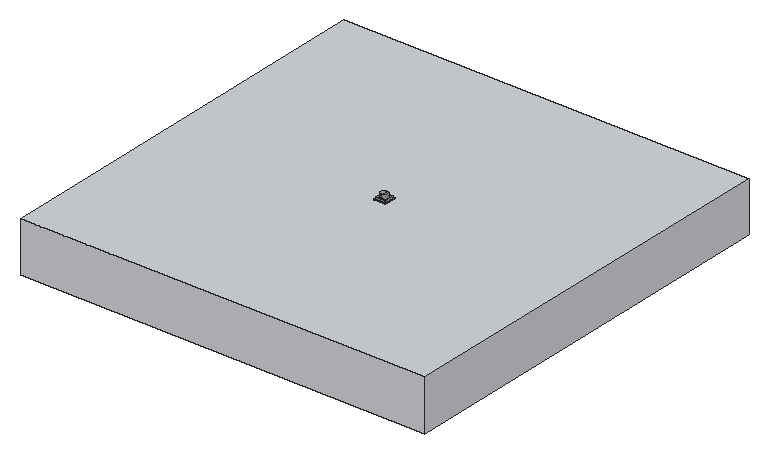
Revit family "2CKA006599A3017", category Elektroinstallationen, Revit 2017
Family settings
  Basisbauteil = Fläche
  Beschriftungsausrichtung beibehalten = Ja
  Bemaßung runder Anschluss = Durchmesser verwenden
  Teiletyp = Normal
  Beim Laden mit Abzugskörper schneiden = Nein
  Gemeinsam genutzt = Nein
  Raumberechnungspunkt = Nein
Parameters
  White = White
  Werkstoffgüte = "Thermoplast"
  Werkstoff = "Kunststoff"
  Verwendung = "Dimmer"
  Typname = "Zentralscheibe, alpinweiß, Busch-balance SI, Bedienelemente für Dimmer"
  TYPE = "2115-914"
  RAL-Nummer (ähnlich) = 9016
  Produktseite = "https://media.live.bim.site/t/eyJhbGciOiJIUzI1NiIsInR5cCI6IkpXVCJ9.eyJjdCI6MiwidHUiOiJodHRwOi8vYnVzY2gtamFlZ2VyLWthdGFsb2cuZGUvNjU5OS0wLTMwMTcsYXJ0aWtlbC5odG1sIiwiY2lkIjoiZmVkOThlOWEtMWJkOC00YzY4LWE3M2ItNzRhOTRlMzE1ODIzIiwicmlkIjoiODNhNTg0NTQ4MTk5M2I4ZmY5Zjc5OTc1YTY4ZWRjYTUiLCJwaWQiOiIwMGYzMGFhZTE4ZGI4Y2Y3M2I5MTA1MjE0MTBmMGZmNTJlOGQ0ZTFkIiwic2lkIjoiNjM3MzIiLCJ1dCI6MSwibGMiOiJkZSIsImlhdCI6MTU3MjkyODI5NiwiaXNzIjoiaHR0cHM6Ly9hcGkubGl2ZS5iaW0uc2l0ZSIsInN1YiI6ImY1ODZjNGI2LWE1MDgtNDI3YS05ODE4LTEzMTc5NjY1NzZiYyJ9.ir5D1MQSURFeA9S493qDj4vmQ6A7lv5TFLddbLeru4o"
  Oberfläche = "unbehandelt"
  Ist Zubehör = no
  Ist System = no
  Indicator = Red
  Default Elevation = 1219.2 mm
  Hersteller = "Busch-Jaeger Elektro GmbH"
  HeinzeBIM = "https://www.heinze.de/bim/zentralscheibe-alpinweiss-busch-balance-si-bedienelemente-fuer-dimmer/00f30aae18db8cf73b910521410f0ff52e8d4e1d"
  Halogenfrei = yes
  HAN = "2CKA006599A3017"
  Gerätetiefe [mm] = 11
  Gerätehöhe [mm] = 55
  Gerätebreite [mm] = 55
  Geeignet für Schutzart (IP) = "IP20"
  GTIN = "4011395190678"
  Farbe = "weiß"
  Datenblatt = "https://media.live.bim.site/t/eyJhbGciOiJIUzI1NiIsInR5cCI6IkpXVCJ9.eyJjdCI6MSwidGYiOiJwdWJsaWMvYnVzY2gtamFlZ2VyLWVsZWt0cm8tZ21iaC81YWUxZmQ1LzJDS0EwMDY1OTlBMzAxN19ST0hTXzIwMTlfMTBfMDcucGRmIiwiY2lkIjoiZmVkOThlOWEtMWJkOC00YzY4LWE3M2ItNzRhOTRlMzE1ODIzIiwicmlkIjoiODNhNTg0NTQ4MTk5M2I4ZmY5Zjc5OTc1YTY4ZWRjYTUiLCJwaWQiOiIwMGYzMGFhZTE4ZGI4Y2Y3M2I5MTA1MjE0MTBmMGZmNTJlOGQ0ZTFkIiwic2lkIjoiNjM3MzIiLCJ1dCI6MSwibGMiOiJkZSIsImlhdCI6MTU3MjkyODI5NiwiaXNzIjoiaHR0cHM6Ly9hcGkubGl2ZS5iaW0uc2l0ZSIsInN1YiI6ImY1ODZjNGI2LWE1MDgtNDI3YS05ODE4LTEzMTc5NjY1NzZiYyJ9.u8UlfBcUlX468NtnSlDN3Sl-K3uVZSPdLzHsGTx_82M/2CKA006599A3017_ROHS_2019_10_07.pdf"
  Beschreibung = "Zentralscheibe, alpinweiß, Busch-balance SI, Bedienelemente für Dimmer, Zentralscheibe mit Drehknopf, Bef.-Mutter und Glimmlampe Für Busch-Dimmer. Für Einsatz 2112 U-101/2247 U/2250 U/6513 U-102/6517 U-10x/6519 U/6520 U/6523 U(R)(10x) /6591 U-10x und 6592 U."
  Befestigungsart = "Schraubbefestigung"
  BIMSITE_PRODUCT_ID = "00f30aae18db8cf73b910521410f0ff52e8d4e1d"
  BIM = "https://media.live.bim.site/t/eyJhbGciOiJIUzI1NiIsInR5cCI6IkpXVCJ9.eyJjdCI6MSwidGYiOiJwdWJsaWMvYnVzY2gtamFlZ2VyLWVsZWt0cm8tZ21iaC81YWUxZmQ1LzJDS0EwMDY1OTlBMzAxNy5yZmEiLCJjaWQiOiJmZWQ5OGU5YS0xYmQ4LTRjNjgtYTczYi03NGE5NGUzMTU4MjMiLCJyaWQiOiI4M2E1ODQ1NDgxOTkzYjhmZjlmNzk5NzVhNjhlZGNhNSIsInBpZCI6IjAwZjMwYWFlMThkYjhjZjczYjkxMDUyMTQxMGYwZmY1MmU4ZDRlMWQiLCJzaWQiOiI2MzczMiIsInV0Ijo1LCJsYyI6ImRlIiwiaWF0IjoxNTcyOTI4Mjk2LCJpc3MiOiJodHRwczovL2FwaS5saXZlLmJpbS5zaXRlIiwic3ViIjoiZjU4NmM0YjYtYTUwOC00MjdhLTk4MTgtMTMxNzk2NjU3NmJjIn0.d5RW8Kqd7fWzE5ivkF_7F1mVLX0eyv0qhdtMHBueszs/2CKA006599A3017.rfa"
  Ausführung der Oberfläche = "glänzend"
  Ausführung = "Drehknopf"
  Aufdruck/Kennzeichnung = "ohne Aufdruck"
Reference planes
  plane 1 "Center (Front/Back)": y = 0
  plane 2: z = 0
  plane 3 "Center (Left/Right)": x = 0
Forms (mm)
  Extrusion 1, solid
    sketch origin (0, 0, 0) x (1, 0, 0) y (0, 1, 0)
      loop
        line (-1219.2, 1219.2) -> (-1219.2, -1219.2) -> (1219.2, -1219.2) -> (1219.2, 1219.2) -> (-1219.2, 1219.2)
    from 0 to -304.8
  Sweep 2, solid, material "White", not visible, detail levels fine
    path origin (-35.4, 0, 0) x (1, 0, 0) y (0, 1, 0)
      loop
        line (-149, 42.8) -> (-149, -42.8) -> (219.8, -42.8) -> (219.8, 42.8) -> (-149, 42.8)
    profile origin (0, 42.8, 0) x (0, 1, 0) y (0, 0, 1)
      loop
        line (-14.8, 0) -> (0, 0) -> (0, 5.5)
        arc (0, 5.5) -> (-7.101, 9.056) -> (-14.8, 11) r 36.681
        line (-14.8, 11) -> (-14.8, 0)
  Extrusion 3, solid, material "White", not visible, detail levels fine
    sketch origin (-35.4, 0, 0) x (1, 0, 0) y (0, 1, 0)
      loop
        line (-7.4, 28) -> (-7.4, -28) -> (7.4, -28) -> (7.4, 28) -> (-7.4, 28)
    from 0 to 11
  Extrusion 4, solid, material "White", not visible, detail levels fine
    sketch origin (-106.2, 0, 0) x (1, 0, 0) y (0, 1, 0)
      loop
        line (-7.4, 28) -> (-7.4, -28) -> (7.4, -28) -> (7.4, 28) -> (-7.4, 28)
    from 0 to 11
  Extrusion 5, solid, material "White", not visible, detail levels fine
    sketch origin (35.4, 0, 0) x (-1, 0, 0) y (0, -1, 0)
      loop
        line (-7.4, -28) -> (7.4, -28) -> (7.4, 28) -> (-7.4, 28) -> (-7.4, -28)
    from 0 to 11
  Extrusion 6, solid, material "White", not visible, detail levels fine
    sketch origin (106.2, 0, 0) x (-1, 0, 0) y (0, -1, 0)
      loop
        line (-7.4, -28) -> (7.4, -28) -> (7.4, 28) -> (-7.4, 28) -> (-7.4, -28)
    from 0 to 11
  Extrusion 7, solid, material "White", not visible, detail levels medium
    sketch origin (0, 0, 0) x (1, 0, 0) y (0, 1, 0)
      loop
        line (-184.4, 42.8) -> (-184.4, -42.8) -> (184.4, -42.8) -> (184.4, 42.8) -> (-184.4, 42.8)
      loop
        line (-169.6, 28) -> (-169.6, -28) -> (-113.6, -28) -> (-113.6, 28) -> (-169.6, 28)
      loop
        line (-98.8, 28) -> (-98.8, -28) -> (-42.8, -28) -> (-42.8, 28) -> (-98.8, 28)
      loop
        line (-28, 28) -> (-28, -28) -> (28, -28) -> (28, 28) -> (-28, 28)
      loop
        line (42.8, 28) -> (42.8, -28) -> (98.8, -28) -> (98.8, 28) -> (42.8, 28)
      loop
        line (113.6, 28) -> (113.6, -28) -> (169.6, -28) -> (169.6, 28) -> (113.6, 28)
    from 0 to 11
  Extrusion 8, solid, material "White", not visible, detail levels coarse
    sketch origin (0, 0, 0) x (1, 0, 0) y (0, 1, 0)
      loop
        line (-184.4, 42.8) -> (-184.4, -42.8) -> (184.4, -42.8) -> (184.4, 42.8) -> (-184.4, 42.8)
    from 0 to 11
  Extrusion 9, solid, material "White", detail levels coarse
    sketch origin (0, 0, 0) x (1, 0, 0) y (0, 1, 0)
      loop
        line (-35.5, 35.5) -> (-35.5, -35.5) -> (35.5, -35.5) -> (35.5, 35.5) -> (-35.5, 35.5)
    from -10 to 30
  Extrusion 10, solid, material "White" <- "White", detail levels fine
    sketch origin (0, 0, 0) x (1, 0, 0) y (0, 1, 0)
      loop
        arc (26.5, -27.5) -> (27.207, -27.207) -> (27.5, -26.5) r 1
        line (27.5, -26.5) -> (27.5, 26.5)
        arc (27.5, 26.5) -> (27.207, 27.207) -> (26.5, 27.5) r 1
        line (26.5, 27.5) -> (-26.5, 27.5)
        arc (-26.5, 27.5) -> (-27.207, 27.207) -> (-27.5, 26.5) r 1
        line (-27.5, 26.5) -> (-27.5, -26.5)
        arc (-27.5, -26.5) -> (-27.207, -27.207) -> (-26.5, -27.5) r 1
        line (-26.5, -27.5) -> (26.5, -27.5)
    from 0 to 11
  Extrusion 11, solid, material "White" <- "White", detail levels fine
    sketch origin (0, 0, 0) x (1, 0, 0) y (0, 1, 0)
      loop
        arc (35.5, 31.5) -> (34.328, 34.328) -> (31.5, 35.5) r 4
        line (31.5, 35.5) -> (-31.5, 35.5)
        arc (-31.5, 35.5) -> (-34.328, 34.328) -> (-35.5, 31.5) r 4
        line (-35.5, 31.5) -> (-35.5, -31.5)
        arc (-35.5, -31.5) -> (-34.328, -34.328) -> (-31.5, -35.5) r 4
        line (-31.5, -35.5) -> (31.5, -35.5)
        arc (31.5, -35.5) -> (34.328, -34.328) -> (35.5, -31.5) r 4
        line (35.5, -31.5) -> (35.5, 31.5)
    from 0 to -10
  Revolve 12, solid, material "White" <- "White", detail levels fine
    sketch origin (0, 0, 0) x (0, 1, 0) y (0, 0, 1)
      loop
        line (0, 9) -> (0, 30) -> (-20.9, 30) -> (-20.9, 10) -> (-21.9, 10) -> (-21.9, 9) -> (0, 9)
      axis (0, 30) -> (0, 9)
    angle from 0 to 360
  Extrusion 13, solid, material "White" <- "White", detail levels medium
    sketch origin (0, 0, 0) x (1, 0, 0) y (0, 1, 0)
      loop
        line (35.5, 35.5) -> (-35.5, 35.5) -> (-35.5, -35.5) -> (35.5, -35.5) -> (35.5, 35.5)
    from 0 to -10
  Extrusion 14, solid, material "White" <- "White", detail levels medium
    sketch origin (0, 0, 0) x (1, 0, 0) y (0, 1, 0)
      loop
        line (27.5, -27.5) -> (27.5, 27.5) -> (-27.5, 27.5) -> (-27.5, -27.5) -> (27.5, -27.5)
    from 0 to 11
  Revolve 15, solid, material "White" <- "White", detail levels medium
    sketch origin (0, 0, 0) x (0, 1, 0) y (0, 0, 1)
      loop
        line (0, 9) -> (0, 30) -> (-20.9, 30) -> (-20.9, 9) -> (0, 9)
      axis (0, 30) -> (0, 9)
    angle from 0 to 360
  Extrusion 16, void
    sketch origin (0, 0, 0) x (1, 0, 0) y (0, 1, 0)
      loop
        line (1, 18.971) -> (-1, 18.971) -> (-1, 11.471) -> (1, 11.471) -> (1, 18.971)
    from 27.337 to 34.727
  Extrusion 17, solid, material "Red" <- "Indicator", detail levels fine
    sketch origin (0, 0, 0) x (1, 0, 0) y (0, 1, 0)
      loop
        line (1, 18.971) -> (-1, 18.971) -> (-1, 11.471) -> (1, 11.471) -> (1, 18.971)
    from 27.337 to 30
Cuts and joins
  Extrusion 16 cuts Revolve 12
Lines and regions (mm)
  model lines, detail levels medium
    curve 1: line (-1, 18.971, 30) -> (-1, 11.471, 30)
    curve 2: line (1, 18.971, 30) -> (-1, 18.971, 30)
    curve 3: line (1, 11.471, 30) -> (1, 18.971, 30)
    curve 4: line (-1, 11.471, 30) -> (1, 11.471, 30)
Dimensions and locks
  aligned and locked: plane 2 to Extrusion 1
  aligned and locked: level to Extrusion 1
  aligned and locked: plane 3 "Center (Left/Right)" to nested 1
  aligned and locked: plane 1 "Center (Front/Back)" to nested 1
Nested families
  nested 1: "SwitchDimmerOnePole_DE-DE_2014" at (0, 0, 0), type "SwitchDimmerOnePole_DE-DE_2014"
Connectors
  electrical at (0, 0, 0)
    settings: on Extrusion 11, index 1, voltage 230 V, apparent load 0 VA, apparent load phase1 0 VA, apparent load phase2 0 VA, apparent load phase3 0 VA, power factor 1, load classification "Other", number of poles 1, system type 30, power factor state 1, is connector primary yes, connector utility no, sub classification motor no, connector description ""
Definition of nested family "SwitchDimmerOnePole_DE-DE_2014"
  Reference planes
    plane 1: y = 0
    plane 2: x = 0
  Lines and regions (mm)
    detail lines
      curve 1: circle (0, 1.25, 0) r 1.25 normal (0, 0, 1)
      curve 2: line (0.625, 2.333, 0) -> (2.742, 6, 0)
      curve 3: line (-0.844, 3.501, 0) -> (3.156, 3.501, 0)
      curve 4: line (3.156, 5.001, 0) -> (-0.844, 3.501, 0)
      curve 5: line (3.156, 3.501, 0) -> (3.156, 5.001, 0)
      curve 6: line (2.742, 6, 0) -> (3.955, 5.3, 0)
